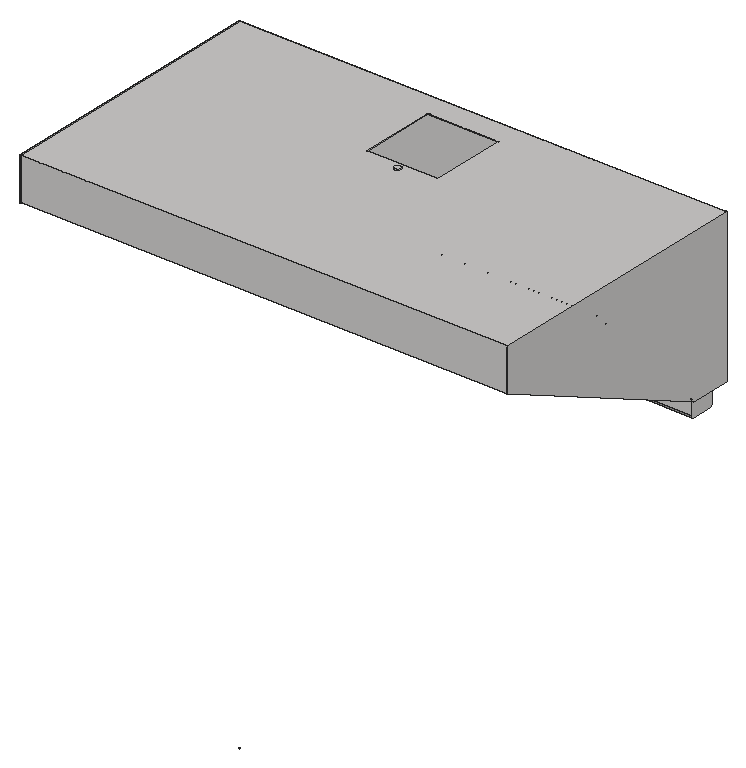
Revit family "QF_ELECTROLUXPROFESSIONAL_644205_AMPV916DT", category Attrezzature speciali, Revit 2021
Family settings
  Quota connettore circolare = Usa diametro
  Tipo di parte = Normale
  Basato su piano di lavoro = No
  Sempre verticale = Sì
  Taglio con vuoti quando caricato = No
  Condiviso = No
  Punto di calcolo locali = No
Parameters (values of type "Standard")
  Weight = 47.00 kg
  Watts = 300 W
  Volts = 220 V
  URL Manufacturer = "https://www.electroluxprofessional.com/"
  URL = "https://www.electroluxprofessional.com/"
  Steam Supply Size = 0 mm
  Steam Supply Minimum Pressure = 0.0 Pa
  Steam Supply Maximum Pressure = 0.0 Pa
  Steam Consumption per Hour = 0
  Refrigeration Suction Line Size = 0 mm
  Refrigeration Liquid Line Size = 0 mm
  Refrigerant Compressor Remote = yes
  Prospetto di default = 0 mm
  Produttore = "Electrolux Professional"
  Phase = 1
  Modello = "AMPV916DT"
  Length Actual = 1600 mm  # constant formula
  Item Number = "644205"
  Hot Water Size = 0 mm
  Height Actual = 500 mm  # constant formula
  HP = "0.4 HP"
  Gas Size = 0 mm
  Gas KW = 0
  Gas Input Pressure = 0 W
  Direct Waste Size = 0 mm
  Descrizione = "304 S/S WALL HOOD+FILTERS+FAN 1600X900MM"
  Depth Actual = 900 mm  # constant formula
  Cycle = 50 Hz
  Condensate Return Size = 0 mm
  Compressed Air Volume = 0.0 L/s
  Compressed Air Size = 0 mm
  Compressed Air Pressure = 0.0 Pa
  Cold Water Size = 0 mm
  Accessory = yes
Reference planes
  plane 1: z = 0
  plane 2 "Center (Left/Right)": x = 150
  plane 3 "LEFT": x = -650
  plane 4 "RIGHT": x = 950
  plane 5 "BACK": y = 550
  plane 6 "Plane": z = 2000
  plane 7 "TOP": z = 2140
  plane 8 "Base": z = 1640
  plane 9: z = 1566
  plane 10 "DrainY": y = 485
  plane 11: x = -647
  plane 12: through (0, 414.509, 1640.8) normal (0, 0.7314, 0.682)
  plane 13: y = 470
  plane 14: y = 220
  plane 15 "DrainX": x = 830
  plane 16: x = 33.5
  plane 17: x = 266.5
  plane 18: x = 947
  plane 19: x = 740
  plane 20: x = 920
  plane 21: x = -450
  plane 22: x = 750
  plane 23: x = -47.5
  plane 24: x = 347.5
  plane 25 "Center (Front/Back)": y = 100
  plane 26: y = -350
  plane 27: y = 200
Forms (mm)
  Extrusion 1, solid, material "QF_Finishes_Stainless Steel"
    sketch origin (-650, 0, 0) x (0, 1, 0) y (0, 0, 1)
      loop
        line (550, 1640) -> (550, 2140) -> (-350, 2140) -> (-350, 1998.603) -> (413.973, 1640) -> (550, 1640)
    from 0 to 3
  Extrusion 2, solid, material "QF_Finishes_Stainless Steel"
    sketch origin (150, 0, 0) x (0, 1, 0) y (0, 0, 1)
      loop
        line (415.255, 1640) -> (550, 1640) -> (550, 2139.19) -> (549.2, 2139.19) -> (549.2, 1640.8) -> (415.876, 1640.8) -> (339.347, 1722.867) -> (349.609, 1732.436) -> (348.927, 1733.167) -> (337.934, 1722.917) -> (415.255, 1640)
      loop
        line (-82.203, 2139.19) -> (-82.203, 2118.6) -> (-31.047, 2118.6) -> (34.354, 2048.466) -> (46.028, 2059.352) -> (45.346, 2060.083) -> (34.403, 2049.879) -> (-30.612, 2119.6) -> (-81.203, 2119.6) -> (-81.203, 2139.19) -> (-82.203, 2139.19)
    from -797 to 797
  Extrusion 3, solid, material "QF_Finishes_Stainless Steel"
    sketch origin (950, 0, 0) x (0, 1, 0) y (0, 0, 1)
      loop
        line (550, 1640) -> (550, 2140) -> (-350, 2140) -> (-350, 1998.603) -> (413.973, 1640) -> (550, 1640)
    from 0 to -3
  Extrusion 4, solid, material "QF_Finishes_Stainless Steel"
    sketch origin (150, 0, 0) x (0, 1, 0) y (0, 0, 1)
      loop
        line (-350, 2140) -> (-350, 2000) -> (-349.2, 2000) -> (-349.2, 2139.19) -> (550, 2139.19) -> (550, 2140) -> (-350, 2140)
    from -800 to 800
  Extrusion 5, solid, material "QF_Finishes_Stainless Steel"
    sketch origin (150, 0, 0) x (0, 1, 0) y (0, 0, 1)
      loop
        line (534, 1640) -> (436, 1640) -> (436, 1627) -> (443.5, 1627) -> (443.5, 1576)
        arc (443.5, 1576) -> (446.429, 1568.929) -> (453.5, 1566) r 10
        line (453.5, 1566) -> (516.5, 1566)
        arc (516.5, 1566) -> (523.571, 1568.929) -> (526.5, 1576) r 10
        line (526.5, 1576) -> (526.5, 1627) -> (534, 1627) -> (534, 1640)
    from 590 to 770
  Extrusion 6, solid, material "QF_Finishes_Stainless Steel"
    sketch origin (0, 0, 1640) x (0, 1, 0) y (-1, 0, 0)
      loop
        circle (485, -830) r 20
    from -76 to -74
  Extrusion 7, solid, material "QF_Finished_Chrome"
    sketch origin (150, 0, 0) x (0, 1, 0) y (0, 0, 1)
      loop
        line (337.934, 1722.917) -> (341.591, 1726.327) -> (38.011, 2051.876) -> (34.354, 2048.466) -> (337.934, 1722.917)
    from -197.5 to -600
  Extrusion 8, solid, material "QF_Finishes_Stainless Steel"
    sketch origin (150, 0, 0) x (0, 1, 0) y (0, 0, 1)
      loop
        line (337.934, 1722.917) -> (341.591, 1726.327) -> (38.011, 2051.876) -> (34.354, 2048.466) -> (337.934, 1722.917)
    from 797 to 600
  Extrusion 9, solid, material "QF_Finished_Chrome"
    sketch origin (150, 0, 0) x (0, 1, 0) y (0, 0, 1)
      loop
        line (341.588, 1726.324) -> (38.009, 2051.874) -> (34.354, 2048.466) -> (337.934, 1722.917) -> (341.588, 1726.324)
    from 197.5 to 600
  Extrusion 10, void
    sketch origin (0, 0, 2140) x (0, 1, 0) y (-1, 0, 0)
      loop
        line (470, -266.5) -> (470, -33.5) -> (220, -33.5) -> (220, -266.5) -> (470, -266.5)
    from 0 to -10
  Extrusion 11, solid, material "QF_Finishes_Stainless Steel"
    sketch origin (0, 0, 0) x (1, 0, 0) y (0, 1, 0)
      loop
        line (-650, 550) -> (-650, 549) -> (-649, 549) -> (-649, 550) -> (-650, 550)
    from 0 to 1
  Extrusion 12, solid, material "QF_Finishes_Stainless Steel"
    sketch origin (150, 0, 0) x (0, 1, 0) y (0, 0, 1)
      loop
        line (337.934, 1722.917) -> (341.591, 1726.327) -> (38.011, 2051.876) -> (34.354, 2048.466) -> (337.934, 1722.917)
    from -600 to -797
  Extrusion 13, solid, material "QF_Finishes_Stainless Steel"
    sketch origin (150, 0, 0) x (0, 1, 0) y (0, 0, 1)
      loop
        line (337.934, 1722.917) -> (341.591, 1726.327) -> (38.011, 2051.876) -> (34.354, 2048.466) -> (337.934, 1722.917)
    from 197.5 to -197.5
  Extrusion 14, solid, material "QF_Finishes_Stainless Steel"
    sketch origin (0, 0, 2140) x (0, 1, 0) y (-1, 0, 0)
      loop
        circle (200, -150) r 10
    from 0 to 1.6
Cuts and joins
  Extrusion 10 cuts Extrusion 4
  joined: Extrusion 2, Extrusion 4
Lines and regions (mm)
  reference lines
    curve 1: line (150, 34.354, 2048.466) -> (150, 34.354, 1888.466)
  symbolic lines, style "SpecialityEquipment", detail levels coarse
    curve 2: line (950, 550, 2140) -> (-650, 550, 2140)
    curve 3: line (-650, 550, 2140) -> (-650, -350, 2140)
    curve 4: line (950, -350, 2140) -> (950, 550, 2140)
    curve 5: line (-650, -350, 2140) -> (950, -350, 2140)
    curve 6: line (266.5, 220, 2140) -> (33.5, 220, 2140)
    curve 7: line (266.5, 470, 2140) -> (266.5, 220, 2140)
    curve 8: line (33.5, 470, 2140) -> (266.5, 470, 2140)
    curve 9: line (33.5, 220, 2140) -> (33.5, 470, 2140)
    curve 10: line (-650, 550, 0) -> (950, -350, 0)
    curve 11: line (950, 550, 0) -> (-650, -350, 0)
Dimensions and locks
  plane 3 "LEFT" to plane 4 "RIGHT" = 1600 mm
  equal spacing: plane 3 "LEFT", plane 2 "Center (Left/Right)", plane 4 "RIGHT"
  locked: plane 6 "Plane" to level at 2000
  plane 7 "TOP" to plane 6 "Plane" = 140 mm
  locked: plane 7 "TOP" to plane 8 "Base" at 500
  plane 8 "Base" to plane 9 = 74 mm
  plane 5 "BACK" to plane 10 "DrainY" = 65 mm  (x2)
  plane 3 "LEFT" to plane 11 = 3 mm
  plane 5 "BACK" to plane 13 = 80 mm
  plane 13 to plane 14 = 250 mm  (x2)
  plane 15 "DrainX" to plane 4 "RIGHT" = 120 mm
  plane 18 to plane 4 "RIGHT" = 3 mm
  locked: plane 19 to plane 15 "DrainX" at 90
  locked: plane 15 "DrainX" to plane 20 at 90
  plane 13 to plane 5 "BACK" = 80 mm
  plane 3 "LEFT" to plane 21 = 200 mm
  plane 22 to plane 4 "RIGHT" = 200 mm
  locked: plane 23 to plane 24 at 395
  equal spacing: plane 23, plane 2 "Center (Left/Right)", plane 24
  locked: plane 16 to plane 17 at 233
  equal spacing: plane 16, plane 2 "Center (Left/Right)", plane 17
  locked: plane 5 "BACK" to plane 26 at 900
  equal spacing: plane 5 "BACK", plane 25 "Center (Front/Back)", plane 26
  plane 14 to plane 26 = 570 mm
  plane 5 "BACK" to plane 26 = 900 mm
  plane 14 to plane 27 = 20 mm
  aligned and locked: level to plane 1
  aligned and locked: Extrusion 2 to Extrusion 1
  aligned and locked: Extrusion 2 to Extrusion 3
  aligned and locked: plane 4 "RIGHT" to Extrusion 4
  aligned and locked: Extrusion 4 to plane 3 "LEFT"
  aligned and locked: plane 18 to Extrusion 8
  aligned and locked: Extrusion 10 to plane 16
  aligned and locked: Extrusion 10 to plane 14
  aligned and locked: Extrusion 10 to plane 13
  aligned and locked: Extrusion 2 to Extrusion 4
  aligned and locked: plane 20 to Extrusion 5
  aligned and locked: Extrusion 5 to plane 19
  aligned and locked: Extrusion 8 to plane 22
  aligned and locked: Extrusion 9 to plane 22
  aligned and locked: Extrusion 7 to plane 21
  aligned and locked: Extrusion 12 to plane 11
  aligned and locked: plane 21 to Extrusion 12
  aligned and locked: Extrusion 3 to plane 18
  aligned and locked: Extrusion 10 to plane 17
  aligned and locked: plane 17 to curve 7
  aligned and locked: plane 24 to Extrusion 13
  aligned and locked: Extrusion 13 to plane 23
  aligned and locked: Extrusion 9 to plane 24
Automatic sketch dimensions
  curve 5 to plane 4 "RIGHT" = 0 mm
  curve 6 to plane 14 = 0 mm
  plane 13 to curve 8 = 0 mm
  curve 3 to plane 3 "LEFT" = 0 mm
  curve 3 to plane 5 "BACK" = 0 mm
  curve 6 to plane 16 = 0 mm
  Extrusion 2 sketch curve to plane 12 = 0 mm  (x3)
  Extrusion 2 sketch curve to plane 8 "Base" = 0 mm
  plane 12 to Extrusion 2 sketch curve = 0 mm
  Extrusion 2 sketch curve to plane 5 "BACK" = 0 mm
  Extrusion 2 sketch curve to Extrusion 2 sketch curve = 65.646 mm
  Extrusion 2 sketch curve to Extrusion 2 sketch curve = 0.682 mm  (x2)
  Extrusion 2 sketch curve to Extrusion 2 sketch curve = 10.261 mm
  plane 8 "Base" to Extrusion 2 sketch curve = 82.917 mm
  Extrusion 2 sketch curve to Extrusion 2 sketch curve = 10.942 mm
  Extrusion 2 sketch curve to Extrusion 2 sketch curve = 0.049 mm
  Extrusion 2 sketch curve to plane 7 "TOP" = 20.4 mm
  Extrusion 2 sketch curve to plane 7 "TOP" = 21.4 mm
  Extrusion 2 sketch curve to plane 7 "TOP" = 0.81 mm  (x2)
  Extrusion 2 sketch curve to Extrusion 2 sketch curve = 50.156 mm
  Extrusion 2 sketch curve to Extrusion 2 sketch curve = 1 mm
  plane 8 "Base" to Extrusion 2 sketch curve = 0.8 mm
  Extrusion 2 sketch curve to plane 5 "BACK" = 0.8 mm
  Extrusion 4 sketch curve to plane 6 "Plane" = 0 mm
  Extrusion 4 sketch curve to plane 5 "BACK" = 0 mm
  Extrusion 4 sketch curve to plane 7 "TOP" = 0 mm
  Extrusion 4 sketch curve to plane 7 "TOP" = 0.81 mm
  curve 1 to plane 12 = 0 mm
  curve 1 to plane 6 "Plane" = 111.534 mm
  Extrusion 5 sketch curve to plane 8 "Base" = 0 mm
  Extrusion 5 sketch curve to plane 9 = 0 mm
  Extrusion 5 sketch curve to plane 8 "Base" = 13 mm  (x2)
  plane 13 to Extrusion 5 sketch curve = 34 mm
  Extrusion 5 sketch curve to Extrusion 5 sketch curve = 7.5 mm  (x2)
  Extrusion 5 sketch curve to Extrusion 5 sketch curve = 10 mm
  plane 10 "DrainY" to Extrusion 5 sketch curve = 31.5 mm
  Extrusion 5 sketch curve to plane 5 "BACK" = 23.5 mm
  Extrusion 6 sketch curve to plane 10 "DrainY" = 0 mm
  Extrusion 6 sketch curve to plane 15 "DrainX" = 0 mm
  Extrusion 7 sketch curve to plane 12 = 0 mm  (x2)
  Extrusion 7 sketch curve to Extrusion 7 sketch curve = 3.657 mm
  plane 8 "Base" to Extrusion 7 sketch curve = 82.917 mm
  Extrusion 8 sketch curve to plane 12 = 0 mm  (x2)
  Extrusion 8 sketch curve to Extrusion 8 sketch curve = 3.657 mm
  plane 8 "Base" to Extrusion 8 sketch curve = 82.917 mm
  Extrusion 9 sketch curve to plane 12 = 0 mm  (x2)
  Extrusion 9 sketch curve to Extrusion 9 sketch curve = 3.655 mm
  plane 8 "Base" to Extrusion 9 sketch curve = 82.917 mm
  Extrusion 10 sketch curve to plane 14 = 0 mm
  plane 13 to Extrusion 10 sketch curve = 0 mm
  Extrusion 10 sketch curve to plane 17 = 0 mm
  Extrusion 10 sketch curve to plane 16 = 0 mm
  Extrusion 11 sketch curve to plane 3 "LEFT" = 0 mm
  Extrusion 11 sketch curve to plane 5 "BACK" = 0 mm
  plane 3 "LEFT" to Extrusion 11 sketch curve = 1 mm
  Extrusion 11 sketch curve to Extrusion 11 sketch curve = 1 mm
  Extrusion 12 sketch curve to plane 12 = 0 mm  (x2)
  Extrusion 12 sketch curve to Extrusion 12 sketch curve = 3.657 mm
  plane 8 "Base" to Extrusion 12 sketch curve = 82.917 mm
  Extrusion 13 sketch curve to plane 12 = 0 mm  (x2)
  Extrusion 13 sketch curve to Extrusion 13 sketch curve = 3.657 mm
  plane 8 "Base" to Extrusion 13 sketch curve = 82.917 mm
  Extrusion 4 sketch curve to Extrusion 4 sketch curve = 0.8 mm
  curve 5 to plane 14 = 570 mm
  plane 6 "Plane" to Extrusion 2 sketch curve = 48.466 mm
  Extrusion 4 sketch curve to plane 14 = 569.2 mm
  curve 1 to plane 14 = 185.646 mm
  plane 6 "Plane" to Extrusion 7 sketch curve = 51.876 mm
  plane 6 "Plane" to Extrusion 8 sketch curve = 51.876 mm
  plane 6 "Plane" to Extrusion 9 sketch curve = 51.874 mm
  plane 6 "Plane" to Extrusion 12 sketch curve = 51.876 mm
  plane 6 "Plane" to Extrusion 13 sketch curve = 51.876 mm
  Extrusion 3 sketch curve to plane 5 "BACK" = 0 mm
  Extrusion 1 sketch curve to plane 26 = 0 mm
  Extrusion 1 sketch curve to plane 8 "Base" = 0 mm
  Extrusion 1 sketch curve to plane 5 "BACK" = 0 mm
  Extrusion 1 sketch curve to plane 7 "TOP" = 0 mm
  plane 13 to Extrusion 1 sketch curve = 56.027 mm
  Extrusion 1 sketch curve to plane 6 "Plane" = 1.397 mm
  Extrusion 3 sketch curve to plane 8 "Base" = 0 mm
  plane 13 to Extrusion 3 sketch curve = 56.027 mm
  Extrusion 3 sketch curve to plane 26 = 0 mm
  Extrusion 3 sketch curve to plane 6 "Plane" = 1.397 mm
  Extrusion 3 sketch curve to plane 7 "TOP" = 0 mm
  curve 11 to plane 3 "LEFT" = 0 mm
  curve 10 to plane 3 "LEFT" = 0 mm
  curve 11 to plane 4 "RIGHT" = 0 mm
  curve 10 to plane 4 "RIGHT" = 0 mm
  curve 10 to plane 26 = 0 mm
  curve 11 to plane 26 = 0 mm
  curve 11 to plane 5 "BACK" = 0 mm
  curve 10 to plane 5 "BACK" = 0 mm
  Extrusion 14 sketch curve to plane 2 "Center (Left/Right)" = 0 mm
  Extrusion 14 sketch curve to plane 27 = 0 mm
  radius of Extrusion 6 sketch curve = 20 mm
  radius of Extrusion 14 sketch curve = 10 mm
Connectors
  piping at (830, 485, 1564), diameter 20
    settings: on Extrusion 6, index 1, connector inside diameter 609.6 mm, connector length 0 mm, flow factor 0, pipe flow 0.0 L/s, pressure drop 0.0 Pa, fitting loss kfactor 0, connector angle 0.00°, fixture units 0, engagement length 0 mm, angle of deflection 0.00°, flow configuration 1, flow direction 2, fitting loss method 0, system type 16, joint type 0, gender type 0, connector reference index -1, connector utility 0, adjustable connector no, is connector primary yes, connector description "Drain"
  hvac at (150, 345, 2140)
    settings: on Extrusion 10, index 2, duct flow 0.0 L/s, flow factor 0, pres drop 0.0 Pa, loss coef 0, conn angle 0.00°, conn width 250 mm, conn height 233 mm, conn diameter 609.6 mm, duct sys type 3, conn prof type 1, flow config 1, flow direction 0, loss method 0, conn ref index -1, conn util no, is conn primary yes, conn desc "EXHAUST OUTLET"
  electrical at (150, 200, 2141.6), driven by "Volts"
    settings: on Extrusion 14, index 3, voltage 220 V, apparent load 0 VA, apparent load phase1 0 VA, apparent load phase2 0 VA, apparent load phase3 0 VA, power factor 1, load classification "Other", number of poles 1, system type 30, power factor state 1, is connector primary yes, connector utility no, sub classification motor no, connector description "Electrical Connection"
